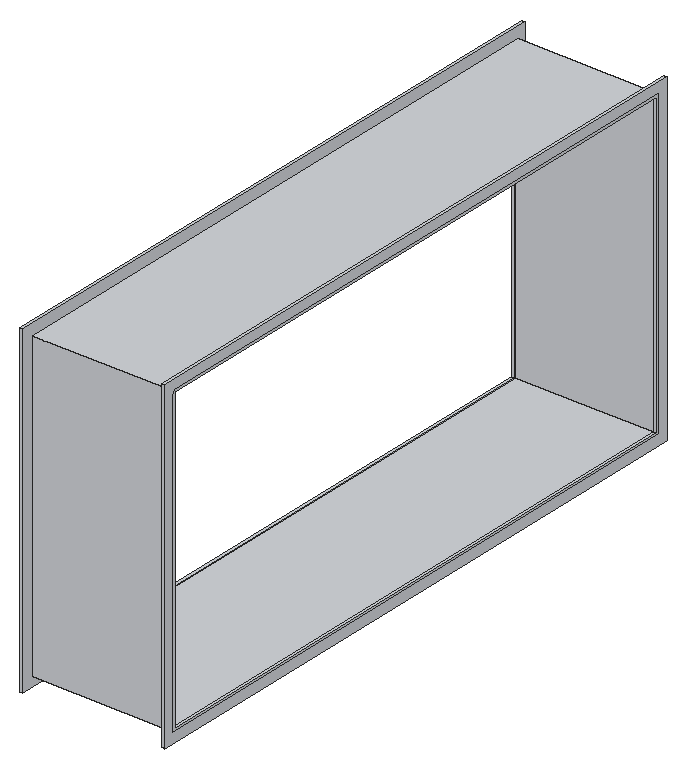
Revit family "НЕВАТОМ_Вставка гибкая ВГ, Версия 1", category Оборудование, Revit 2017
Family settings
  Размер круглого соединителя = Использовать диаметр
  Тип детали = Нормальный
  На основе рабочей плоскости = Нет
  Всегда вертикально = Да
  При загрузке вырезать с полостями = Нет
  Общий = Да
  Точка расчета площади = Нет
Parameters (values of type "Вставка гибкая ВГ-1000*500")
  Материал = Сталь ASTM A441
  В+40 = B + 40 mm  # 540 mm
  А+40 = A + 40 mm  # 1040 mm
  t = 5 mm  # constant formula
  L = 240 mm
  B+5 = B + 5 mm  # 505 mm
  B = 500 mm
  ADSK_Примечание = ""
  ADSK_Позиция = ""
  ADSK_Наименование = "Гибкая вставка ВГ"  # constant formula
  ADSK_Марка = "Вставка гибкая ВГ-1000*500-У-О-ш2.ш2"
  ADSK_Количество = 1  # constant formula
  ADSK_Код изделия = ""
  ADSK_Завод-изготовитель = "НЕВАТОМ"  # constant formula
  ADSK_Единица измерения = "шт."  # constant formula
  A+5 = A + 5 mm  # 1005 mm
  A = 1000 mm
Types (9, lengths in mm): name | В+40 | А+40 | L | B+5 | B | ADSK_Марка | A+5 | A
  Вставка гибкая ВГ-400*200 | 240 | 440 | 140 | 205 | 200 | "Вставка гибкая ВГ-400*200-У-О-ш2.ш2" | 405 | 400
  Вставка гибкая ВГ-500*250 | 290 | 540 | 140 | 255 | 250 | "Вставка гибкая ВГ-500*250-У-О-ш2.ш2" | 505 | 500
  Вставка гибкая ВГ-500*300 | 340 | 540 | 140 | 305 | 300 | "Вставка гибкая ВГ-500*300-У-О-ш2.ш2" | 505 | 500
  Вставка гибкая ВГ-600*300 | 340 | 640 | 140 | 305 | 300 | "Вставка гибкая ВГ-600*300-У-О-ш2.ш2" | 605 | 600
  Вставка гибкая ВГ-600*350 | 390 | 640 | 140 | 355 | 350 | "Вставка гибкая ВГ-600*350-У-О-ш2.ш2" | 605 | 600
  Вставка гибкая ВГ-700*400 | 440 | 740 | 240 | 405 | 400 | "Вставка гибкая ВГ-700*400-У-О-ш2.ш2" | 705 | 700
  Вставка гибкая ВГ-800*500 | 540 | 840 | 240 | 505 | 500 | "Вставка гибкая ВГ-800*500-У-О-ш2.ш2" | 805 | 800
  Вставка гибкая ВГ-900*500 | 540 | 940 | 240 | 505 | 500 | "Вставка гибкая ВГ-900*500-У-О-ш2.ш2" | 905 | 900
  Вставка гибкая ВГ-1000*500 | 540 | 1040 | 240 | 505 | 500 | "Вставка гибкая ВГ-1000*500-У-О-ш2.ш2" | 1005 | 1000
Reference planes
  plane 1 "По центру (Вперед/Назад)": y = 0
  plane 2: z = 0
  plane 3 "По центру (Влево/Вправо)": x = 0
  plane 4: x = 240
Forms (mm)
  Extrusion 1, solid
    sketch origin (0, 0, 0) x (0, 1, 0) y (0, 0, 1)
      loop
        line (-500, 250) -> (-500, -250) -> (500, -250) -> (500, 250) -> (-500, 250)
      loop
        line (-502.5, 252.5) -> (-502.5, -252.5) -> (502.5, -252.5) -> (502.5, 252.5) -> (-502.5, 252.5)
    from 0 to 240
  Extrusion 2, solid
    sketch origin (0, 0, 0) x (0, 1, 0) y (0, 0, 1)
      loop
        line (-520, 270) -> (-520, -270) -> (520, -270) -> (520, 270) -> (-520, 270)
      loop
        line (-500, 250) -> (-500, -250) -> (500, -250) -> (500, 250) -> (-500, 250)
    from 0 to 5
  Extrusion 3, solid
    sketch origin (0, 0, -120) x (0, 1, 0) y (0, 0, 1)
      loop
        line (-520, 390) -> (-520, -150) -> (520, -150) -> (520, 390) -> (-520, 390)
      loop
        line (-500, 370) -> (-500, -130) -> (500, -130) -> (500, 370) -> (-500, 370)
    from 235 to 240
Dimensions and locks
  "L": plane 4 to plane 3 "По центру (Влево/Вправо)"
  equal spacing: Extrusion 1 sketch curve, level, Extrusion 1 sketch curve  (x2)
  equal spacing: Extrusion 1 sketch curve, plane 1 "По центру (Вперед/Назад)", Extrusion 1 sketch curve  (x2)
  "A": Extrusion 1 sketch curve to Extrusion 1 sketch curve
  "B": Extrusion 1 sketch curve to Extrusion 1 sketch curve
  "A+5": Extrusion 1 sketch curve to Extrusion 1 sketch curve
  "B+5": Extrusion 1 sketch curve to Extrusion 1 sketch curve
  equal spacing: Extrusion 2 sketch curve, plane 1 "По центру (Вперед/Назад)", Extrusion 2 sketch curve  (x2)
  "А+40": Extrusion 2 sketch curve to Extrusion 2 sketch curve
  equal spacing: Extrusion 2 sketch curve, level, Extrusion 2 sketch curve  (x3)
  "В+40": Extrusion 2 sketch curve to Extrusion 2 sketch curve
  "A": Extrusion 2 sketch curve to Extrusion 2 sketch curve
  "B": Extrusion 2 sketch curve to Extrusion 2 sketch curve
  "t": Extrusion 2 to Extrusion 2
  Extrusion 3 sketch curve to Extrusion 3 sketch curve = 1040 mm
  "А+40": Extrusion 3 sketch curve to Extrusion 3 sketch curve
  Extrusion 3 sketch curve to Extrusion 3 sketch curve = 540 mm  (x2)
  "В+40": Extrusion 3 sketch curve to Extrusion 3 sketch curve
  Extrusion 3 sketch curve to Extrusion 3 sketch curve = 1000 mm
  Extrusion 3 sketch curve to Extrusion 3 sketch curve = 500 mm
  "A": Extrusion 3 sketch curve to Extrusion 3 sketch curve
  "B": Extrusion 3 sketch curve to Extrusion 3 sketch curve
  equal spacing: Extrusion 3, level, Extrusion 3
  equal spacing: Extrusion 3, plane 1 "По центру (Вперед/Назад)", Extrusion 3
  "t": Extrusion 3 to Extrusion 3
  aligned and locked: level to plane 2
  aligned and locked: plane 4 to Extrusion 1
  aligned and locked: Extrusion 1 to plane 3 "По центру (Влево/Вправо)"
  aligned and locked: plane 4 to Extrusion 3
Automatic sketch dimensions
  plane 1 "По центру (Вперед/Назад)" to Extrusion 3 sketch curve = 520 mm
  Extrusion 3 sketch curve to Extrusion 3 sketch curve = 20 mm  (x2)
  Extrusion 3 sketch curve to level = 270 mm
Connectors
  hvac at (240, 0, 0), driven by "B", driven by "A"
    settings: on Extrusion 1, index 1, duct flow 0.0 L/s, flow factor 0, pres drop 0.0 Pa, loss coef 0, conn angle 0.00°, conn width 1000 mm, conn height 500 mm, conn diameter 609.6 mm, duct sys type 29, conn prof type 1, flow config 0, flow direction 0, loss method 0, conn ref index 2, conn util no, is conn primary yes, conn desc ""
  hvac at (0, 0, 0), driven by "B", driven by "A"
    settings: on Extrusion 2, index 2, duct flow 0.0 L/s, flow factor 0, pres drop 0.0 Pa, loss coef 0, conn angle 0.00°, conn width 1000 mm, conn height 500 mm, conn diameter 609.6 mm, duct sys type 29, conn prof type 1, flow config 0, flow direction 0, loss method 0, conn ref index 1, conn util no, is conn primary no, conn desc ""
